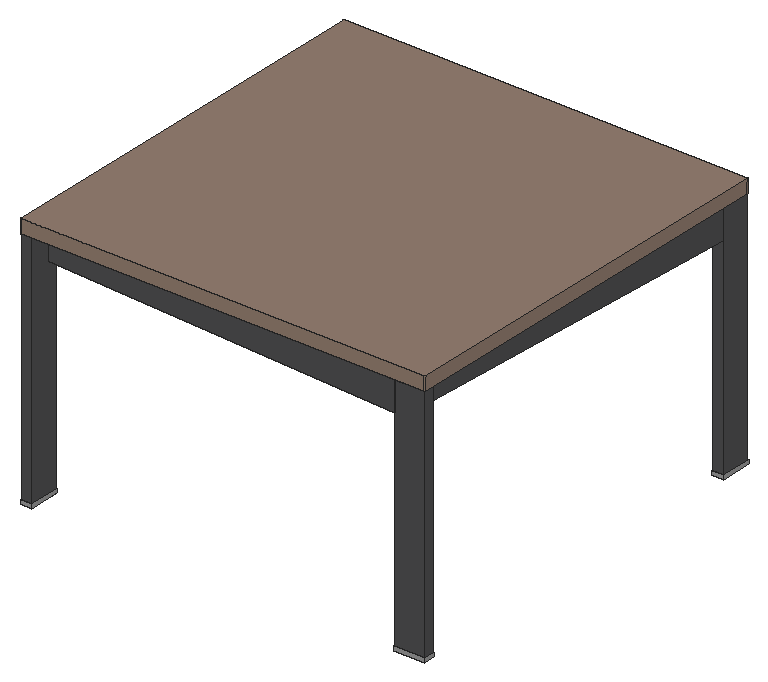
Revit family "FU_Table_Sandler_Krosa 8-1", category Furniture, Revit 2022
Family settings
  OmniClass Number = 23.40.20.00
  OmniClass Title = General Furniture and Specialties
  Work Plane-Based = No
  Always vertical = Yes
  Cut with Voids When Loaded = No
  Render Appearance Source = Family Geometry
  Shared = No
  Room Calculation Point = No
Parameters (values of type "Krosa 8.1")
  Width = 600 mm
  URL = "https://www.sandlerseating.com/product/krosa-8-1/"
  Top [instance] = Wood - Oak - American Walnut
  Model = "Krosa 8.1"
  Manufacturer = "Sandler"
  Height = 380 mm
  Frame [instance] = Metal Lacquered - RAL 9005 - Black
  Description = "Square coffee table with steel frame and laminate top."
  Depth = 600 mm
  Default Elevation = 0 mm
Reference planes
  plane 1 "Center (Front/Back)": y = 0
  plane 2: z = 0
  plane 3 "Center (Left/Right)": x = 0
  plane 4 "Right": x = -300
  plane 5 "Left": x = 300
  plane 6 "Back": y = 300
  plane 7 "Front": y = -300
  plane 8 "Height": z = 380
  plane 9 "Top Base": z = 360
Forms (mm)
  Extrusion 1, solid, material "Metal Lacquered - RAL 9005 - Black" <- "Frame"
    sketch origin (0, 0, 0) x (1, 0, 0) y (0, 1, 0)
      loop
        line (-283.96, -255.047) -> (-298.96, -255.047) -> (-298.96, -299.047) -> (-283.96, -299.047) -> (-283.96, -255.047)
      loop
        line (284.021, 254.908) -> (299.021, 254.908) -> (299.021, 298.908) -> (284.021, 298.908) -> (284.021, 254.908)
      loop
        line (-299.004, 284.077) -> (-255.004, 284.077) -> (-255.004, 299.077) -> (-299.004, 299.077) -> (-299.004, 284.077)
      loop
        line (255.049, -299.026) -> (299.049, -299.026) -> (299.049, -284.026) -> (255.049, -284.026) -> (255.049, -299.026)
    from 0 to 360
  Blend 2, solid, material "Metal Lacquered - RAL 9005 - Black" <- "Frame"
    base sketch origin (0, 0, 0) x (1, 0, 0) y (0, 0, 1)
      loop
        line (-298.96, 360) -> (-298.96, 316) -> (-283.96, 316) -> (-283.96, 360) -> (-298.96, 360)
    top sketch origin (0, 0, 0) x (1, 0, 0) y (0, 0, 1)
      loop
        line (-270.004, 360) -> (-270.004, 316) -> (-255.004, 316) -> (-255.004, 360) -> (-270.004, 360)
    from 255.047 to -284.077
  Blend 3, solid, material "Metal Lacquered - RAL 9005 - Black" <- "Frame"
    base sketch origin (0, 0, 0) x (0, -1, 0) y (0, 0, -1)
      loop
        line (-299.077, -360) -> (-284.077, -360) -> (-284.077, -316) -> (-299.077, -316) -> (-299.077, -360)
    top sketch origin (0, 0, 0) x (0, -1, 0) y (0, 0, -1)
      loop
        line (-269.908, -360) -> (-254.908, -360) -> (-254.908, -316) -> (-269.908, -316) -> (-269.908, -360)
    from -255.004 to 284.021
  Extrusion 4, solid, material "Rubber, Black"
    sketch origin (0, 0, 0) x (1, 0, 0) y (0, 1, 0)
      loop
        line (-300, -300) -> (-283, -300) -> (-283, -254) -> (-300, -254) -> (-300, -300)
      loop
        line (300, 300) -> (283, 300) -> (283, 254) -> (300, 254) -> (300, 300)
      loop
        line (-300, 283) -> (-254, 283) -> (-254, 300) -> (-300, 300) -> (-300, 283)
      loop
        line (254, -300) -> (300, -300) -> (300, -283) -> (254, -283) -> (254, -300)
    from 0 to 6
  Blend 5, solid, material "Metal Lacquered - RAL 9005 - Black" <- "Frame"
    base sketch origin (0, 0, 0) x (-1, 0, 0) y (0, 0, -1)
      loop
        line (-298.96, -360) -> (-283.96, -360) -> (-283.96, -316) -> (-298.96, -316) -> (-298.96, -360)
    top sketch origin (0, 0, 0) x (-1, 0, 0) y (0, 0, -1)
      loop
        line (-270.004, -360) -> (-255.004, -360) -> (-255.004, -316) -> (-270.004, -316) -> (-270.004, -360)
    from -254.908 to 284.026
  Blend 6, solid, material "Metal Lacquered - RAL 9005 - Black" <- "Frame"
    base sketch origin (0, 0, 0) x (0, 1, 0) y (0, 0, 1)
      loop
        line (-299.077, 360) -> (-299.077, 316) -> (-284.077, 316) -> (-284.077, 360) -> (-299.077, 360)
    top sketch origin (0, 0, 0) x (0, 1, 0) y (0, 0, 1)
      loop
        line (-269.908, 360) -> (-269.908, 316) -> (-254.908, 316) -> (-254.908, 360) -> (-269.908, 360)
    from 255.049 to -283.96
  Extrusion 7, solid, material "Wood - Oak - American Walnut" <- "Top"
    sketch origin (0, 0, 380) x (-1, 0, 0) y (0, -1, 0)
      loop
        arc (298, -300) -> (299.414, -299.414) -> (300, -298) r 2
        line (300, -298) -> (300, 297.972)
        arc (300, 297.972) -> (299.406, 299.406) -> (297.972, 300) r 2.028
        line (297.972, 300) -> (-297.99, 300)
        arc (-297.99, 300) -> (-299.411, 299.411) -> (-300, 297.99) r 2.01
        line (-300, 297.99) -> (-300, -298)
        arc (-300, -298) -> (-299.414, -299.414) -> (-298, -300) r 2
        line (-298, -300) -> (298, -300)
    from -20 to 0
Dimensions and locks
  equal spacing: plane 6 "Back", plane 1 "Center (Front/Back)", plane 7 "Front"
  "Depth": plane 6 "Back" to plane 7 "Front"
  equal spacing: plane 4 "Right", plane 3 "Center (Left/Right)", plane 5 "Left"
  "Width": plane 4 "Right" to plane 5 "Left"
  "Height": plane 8 "Height" to level
  aligned and locked: level to plane 2
  aligned and locked: Extrusion 7 to plane 9 "Top Base"
  aligned and locked: plane 9 "Top Base" to Extrusion 1
Automatic sketch dimensions
  plane 4 "Right" to Extrusion 1 sketch curve = 0.996 mm
  plane 4 "Right" to Extrusion 1 sketch curve = 1.04 mm
  plane 7 "Front" to Extrusion 1 sketch curve = 0.953 mm
  Extrusion 1 sketch curve to Extrusion 1 sketch curve = 15 mm  (x2)
  Extrusion 1 sketch curve to plane 6 "Back" = 15.923 mm
  Extrusion 1 sketch curve to Extrusion 1 sketch curve = 44 mm  (x3)
  plane 7 "Front" to Extrusion 1 sketch curve = 0.974 mm
  Extrusion 1 sketch curve to plane 5 "Left" = 44.951 mm
  Extrusion 1 sketch curve to plane 6 "Back" = 1.092 mm
  Extrusion 1 sketch curve to plane 5 "Left" = 15.979 mm
  Extrusion 1 sketch curve to plane 5 "Left" = 0.979 mm
  Extrusion 1 sketch curve to plane 5 "Left" = 0.951 mm
  Extrusion 1 sketch curve to plane 6 "Back" = 0.923 mm
  Blend 2 sketch curve to plane 9 "Top Base" = 0 mm  (x2)
  plane 4 "Right" to Blend 2 sketch curve = 1.04 mm
  Blend 2 sketch curve to Blend 2 sketch curve = 15 mm  (x2)
  Blend 2 sketch curve to plane 9 "Top Base" = 44 mm  (x2)
  plane 4 "Right" to Blend 2 sketch curve = 29.996 mm
  Blend 3 sketch curve to plane 9 "Top Base" = 0 mm  (x2)
  Blend 3 sketch curve to plane 6 "Back" = 0.923 mm
  Blend 3 sketch curve to Blend 3 sketch curve = 15 mm  (x2)
  Blend 3 sketch curve to plane 9 "Top Base" = 44 mm  (x2)
  Blend 3 sketch curve to plane 6 "Back" = 30.092 mm
  Extrusion 4 sketch curve to plane 4 "Right" = 0 mm  (x2)
  Extrusion 4 sketch curve to plane 7 "Front" = 0 mm  (x2)
  Extrusion 4 sketch curve to plane 6 "Back" = 0 mm  (x2)
  Extrusion 4 sketch curve to plane 5 "Left" = 0 mm  (x2)
  plane 4 "Right" to Extrusion 4 sketch curve = 17 mm
  Extrusion 4 sketch curve to plane 6 "Back" = 17 mm
  Extrusion 4 sketch curve to Extrusion 4 sketch curve = 46 mm  (x2)
  Extrusion 4 sketch curve to plane 5 "Left" = 17 mm
  Extrusion 4 sketch curve to Extrusion 4 sketch curve = 17 mm
  plane 7 "Front" to Extrusion 4 sketch curve = 46 mm
  Extrusion 4 sketch curve to plane 6 "Back" = 46 mm
  Blend 5 sketch curve to plane 9 "Top Base" = 0 mm  (x2)
  Blend 5 sketch curve to plane 5 "Left" = 1.04 mm
  Blend 5 sketch curve to Blend 5 sketch curve = 15 mm  (x2)
  Blend 5 sketch curve to plane 9 "Top Base" = 44 mm  (x2)
  Blend 5 sketch curve to plane 5 "Left" = 29.996 mm
  Blend 6 sketch curve to plane 9 "Top Base" = 0 mm  (x2)
  plane 7 "Front" to Blend 6 sketch curve = 0.923 mm
  Blend 6 sketch curve to Blend 6 sketch curve = 15 mm  (x2)
  Blend 6 sketch curve to plane 9 "Top Base" = 44 mm  (x2)
  plane 7 "Front" to Blend 6 sketch curve = 30.092 mm
  Extrusion 7 sketch curve to plane 5 "Left" = 0 mm
  Extrusion 7 sketch curve to plane 6 "Back" = 0 mm
  Extrusion 7 sketch curve to plane 7 "Front" = 0 mm
  Extrusion 7 sketch curve to plane 4 "Right" = 0 mm
  Extrusion 7 sketch curve to plane 5 "Left" = 2 mm
  Extrusion 7 sketch curve to plane 5 "Left" = 2.01 mm
  Extrusion 7 sketch curve to Extrusion 7 sketch curve = 2.028 mm
  Extrusion 7 sketch curve to Extrusion 7 sketch curve = 2 mm
